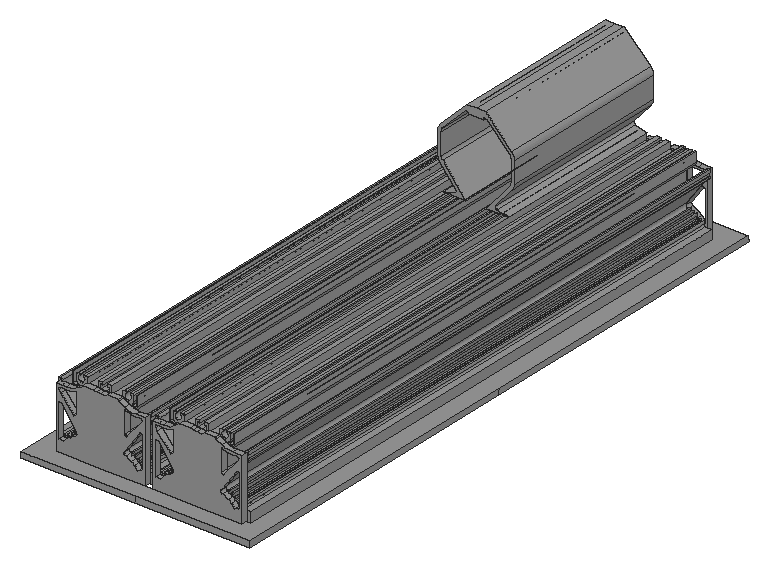
Revit family "L-street 48 Standart", category Осветительные приборы, Revit 2017 (continued)
Types (5, lengths in mm): name | built-in parameter 1150134 | Файл фотометрической сетки | built-in parameter 1150105 | Lumens | built-in parameter 1150106 | built-in parameter 1150142 | Wattage | built-in parameter 1150107 | Артикул
  L-street 48 Standart 4.0K Ш3 | 12 | "L-street 48-65-LLI3-4.0K-01 Standart.ies" | 677.36 (stored number, unit not read) | 8512 lm | 6.7736 (stored number, unit not read) | "IESNA:LM-63-1995\r\n[TEST]LEDEL\r\n[DATA]28.11.2018\r\n[MANUFAC]LEDEL\r\n[LUMCAT]L-street 48/65/Ш3/4.0К/01 Standart\r\n[LUMINAIRE]Для освещения городских улиц, придомовых территорий, парков и пр\r\n[LAMPCAT]LED\r\n[LAMP]OSRAM OSLON SQUARE\r\nTILT=NONE\r\n \r\n1 8512 8.599 91 37 1 2 0.533 0.164 0.148\r\n1 1 65\r\n\r\n0 1 2 3 4 5 6 7 8 9 10 11 12 13 14 15 16 17 18 19 20 21 22 23 24 25 26 27 28 29 30 31 32 33 34 35 36 37 38 39 40 41 42 43 44 45 46 47 48 49 50 51 52 53 54 55 56 57 58 59 60 61 62 63 64 65 66 67 68 69 70 71 72 73 74 75 76 77 78 79 80 81 82 83 84 85 86 87 88 89 90\r\n0 2.5 5 7.5 10 12.5 15 17.5 20 22.5 25 27.5 30 32.5 35 37.5 40 42.5 45 47.5 50 52.5 55 57.5 60 62.5 65 67.5 70 72.5 75 77.5 80 82.5 85 87.5 90 \r\n\r\n328.9 329.3 330.2 330.9 331.9 333.4 335.1 336.8 338.7 340.8 342.8 345 347.5 350.1 353 356 358.9 361.9 364.8 367.6 370.4 373.1 375.9 378.6 381.2 384 387.3 390.9 395 399.6 404.9 410.7 417.4 425.2 435.2 445.1 453.5 460.4 465.8 471.5 479.7 491.2 504.8 521 539.3 559.8 582 607.2 633.9 663 691.7 721.3 752.1 785.2 818.3 851.9 885.2 917 937 939.3 919 859.4 761.2 644.9 513.6 372.2 249 140.6 80.9 50.5 34.7 24.4 17.8 14.5 12.7 11.4 10.5 9.8 9.1 8.5 8 7.4 7 6.5 6.2 5.9 5.5 4.8 3.2 2.7 2.7\r\n328.9 329 329.5 330 330.7 331.9 333.2 334.6 336.2 338 339.8 341.8 344 346.5 349.2 352.1 354.9 357.8 360.7 363.6 366.4 369.2 372 374.9 377.8 380.7 383.9 387.3 391.1 395.4 400.3 405.6 411.7 418.6 427.2 436.3 444.8 452.4 459 464.7 471.7 481.1 492.7 506.6 522.4 540.2 559.7 581.7 605.8 631.5 658.1 685.9 714.5 745.8 778.3 812.3 846.4 879.2 904.3 916.2 905.6 859.1 774.4 661.5 532.7 402.1 293.1 196.3 120.8 68.8 45.8 31.7 22.8 18 15.4 13.6 12.3 11.3 10.5 9.8 9.1 8.5 7.9 7.3 6.9 6.5 6.1 5.5 4.3 3.3 2.9\r\n328.9 328.8 328.9 329 329.6 330.3 331.2 332.3 333.7 335.2 336.8 338.6 340.6 342.8 345.5 348.2 350.9 353.7 356.6 359.6 362.4 365.3 368.2 371.2 374.4 377.4 380.5 383.6 387.3 391.2 395.6 400.5 406 411.9 419.2 427.5 436 444.3 452.2 457.9 463.7 471 480.7 492.2 505.6 520.6 537.4 556.3 577.6 600 624.5 650.4 677 706.4 738.3 772.8 807.5 841.5 871.5 893.1 892.3 858.7 787.6 678.2 551.8 432 337.2 251.9 160.7 87.2 56.8 39 27.9 21.5 18 15.7 14.1 12.8 12 11.2 10.3 9.6 8.9 8.2 7.6 7.1 6.7 6.3 5.5 4 3.1\r\n328.9 329.4 330.2 331 332 333.4 335 336.7 338.6 340.6 342.6 344.7 347.1 349.6 352.4 355.2 358.1 360.9 363.6 366.2 368.8 371.4 374 376.6 379.2 382 385.3 388.8 392.6 397 402.2 407.8 414.4 421.9 431.2 440.5 448.4 454.9 460.4 466.2 474 484.8 497.7 513 530.2 549.4 569.9 593 617.3 643.5 669.5 695.9 722.8 751.4 780 808.5 835.6 860.9 877.7 881 869.3 832.1 763.8 664.3 532.5 377.6 247 136.9 77.5 48.8 34.8 24 17.1 14.1 12.4 11.1 10.2 9.6 8.9 8.3 7.8 7.2 6.8 6.3 6 5.7 5.4 4.7 3.1 2.7 2.7\r\n328.9 329.4 330.1 331 332.1 333.4 334.9 336.6 338.5 340.4 342.3 344.5 346.7 349.1 351.8 354.5 357.3 359.9 362.4 364.8 367.2 369.6 372.2 374.6 377.3 380.1 383.3 386.6 390.2 394.4 399.4 405 411.4 418.6 427.2 435.9 443.2 449.5 455 460.8 468.3 478.4 490.6 505 521.2 539.1 557.7 578.9 600.7 624.1 647.2 670.6 693.5 717.6 741.7 765.1 785.9 804.8 818.4 822.6 819.6 804.9 766.4 683.8 551.4 383.1 244.9 133.2 74 47.1 34.9 23.6 16.4 13.6 12.1 10.9 10 9.4 8.7 8.1 7.6 7 6.6 6.2 5.8 5.4 5.3 4.5 3 2.6 2.7\r\n328.9 329.4 330.2 331 332 333.3 334.7 336.2 338 339.7 341.5 343.5 345.5 347.8 350.3 353 355.7 358.2 360.7 363 365.4 367.8 370.3 372.8 375.5 378.3 381.5 384.8 388.6 392.8 397.6 403 409.3 416.1 424.2 432.5 439.5 445.4 450.6 455.9 462.5 471.1 481.3 493.2 506.3 520.8 536.2 553.5 571.6 591.3 611.2 631.8 652.8 675.7 698.9 722.2 742.8 761.3 775.1 781.3 780.2 768.4 735.8 659.6 539 387.4 258.5 153.6 86.2 51.2 36.2 25 17.1 13.6 12 10.8 9.8 9.2 8.5 8 7.4 6.9 6.5 6 5.7 5.4 5.1 4.5 3.1 2.7 2.7\r\n328.9 329.4 330.2 330.9 332 333.2 334.5 335.8 337.4 339.1 340.8 342.5 344.4 346.5 348.9 351.5 354.1 356.6 358.9 361.3 363.6 365.9 368.4 371 373.6 376.5 379.6 383.1 387 391.1 395.7 401 407.1 413.6 421.1 429 435.8 441.3 446.2 451 456.7 463.9 472 481.4 491.5 502.6 514.6 528.2 542.5 558.5 575.2 593 612 633.7 656.1 679.2 699.7 717.9 731.8 740 740.8 732 705.1 635.4 526.7 391.7 272.1 174 98.4 55.3 37.6 26.3 17.8 13.6 11.9 10.7 9.7 9 8.3 7.8 7.3 6.8 6.3 5.9 5.6 5.3 4.9 4.5 3.3 2.7 2.7\r\n328.9 329.5 330.3 331 332 333.1 334.2 335.5 337 338.5 340.1 341.6 343.4 345.3 347.5 350 352.5 354.9 357.3 359.6 361.8 364 366.3 368.6 371.2 373.8 376.8 380.1 383.8 387.6 392 396.7 402.2 408 414.6 421.4 427.4 432.1 436.2 439.9 444.1 449.8 456.5 464.2 472.4 481.7 492.1 504.3 517.4 532 547.1 562.9 578.6 594.9 610.3 625.2 636.8 644.4 646.8 642.2 628.3 601.4 558.5 487.4 398.1 300.5 218.4 153.5 97.9 57.3 37.8 25.4 16.7 12.7 11.3 10.1 9.1 8.4 7.8 7.3 6.8 6.4 5.9 5.5 5.2 4.9 4.6 4.3 3.2 2.7 2.7\r\n328.9 329.6 330.4 331 332 333 334 335.2 336.5 338 339.5 340.8 342.3 344.1 346.2 348.5 350.9 353.2 355.7 357.9 360.1 362.1 364.1 366.3 368.7 371.1 374 377.1 380.5 384.1 388.2 392.4 397.3 402.4 408 413.7 419 423 426.2 428.7 431.6 435.7 440.9 447 453.3 460.7 469.6 480.4 492.2 505.5 519.1 532.8 545.2 556 564.6 571.2 573.9 570.8 561.8 544.4 515.9 470.9 411.9 339.3 269.5 209.3 164.6 132.9 97.4 59.2 38 24.5 15.6 11.9 10.6 9.5 8.6 7.9 7.3 6.7 6.4 5.9 5.5 5.1 4.9 4.6 4.3 4 3 2.6 2.6\r\n328.9 329.6 330.3 330.9 331.7 332.6 333.5 334.6 335.8 337.1 338.4 339.6 341 342.5 344.5 346.6 348.8 351.1 353.5 355.6 357.6 359.4 361.2 363.2 365.5 367.9 370.6 373.6 377 380.4 384 387.7 391.8 395.9 400.4 404.8 409 412.2 414.8 416.7 419.1 422.5 426.9 432.4 438.2 444.8 451.8 459.6 467.6 476.2 484.4 492.1 497.8 501.1 501.5 498.2 489.1 471.8 446.9 414.5 377.6 335.3 291 243.7 199.4 161.3 132.5 111.4 88.8 60 38.2 24.5 15.5 11.5 10.1 9.1 8.1 7.4 6.8 6.3 5.9 5.6 5.2 4.8 4.5 4.3 4.1 3.8 3 2.6 2.6\r\n328.9 329.6 330.2 330.8 331.5 332.2 333 334 335.1 336.2 337.4 338.4 339.6 341 342.7 344.6 346.8 349 351.2 353.2 355.2 356.8 358.4 360.1 362.3 364.7 367.2 370.2 373.4 376.6 379.9 382.9 386.3 389.4 392.8 395.9 399 401.5 403.4 404.8 406.6 409.3 413 417.7 423.2 428.9 434.1 438.8 443 446.9 449.6 451.3 450.4 446.3 438.5 425.2 404.4 372.8 332.1 284.5 239.3 199.8 170 148 129.3 113.3 100.4 90 80.2 60.7 38.4 24.6 15.5 11.1 9.6 8.7 7.7 6.9 6.3 5.9 5.5 5.2 4.9 4.5 4.2 4 3.8 3.6 2.9 2.7 2.6\r\n328.9 329.6 330.1 330.7 331.3 331.9 332.7 333.7 334.6 335.6 336.6 337.5 338.6 339.9 341.4 343.2 345.2 347.2 349.1 350.9 352.7 354.2 355.8 357.6 359.7 362.1 364.5 367.1 369.7 372.2 374.7 377.2 379.9 382.5 385.1 387.6 390 392.2 394 395.5 397.2 398.9 400.9 403.2 405.8 408.1 409.5 410 409.2 407 401.9 393.5 379.6 360.7 338.2 313.8 287.4 259.5 230.5 200.1 171.3 146.3 126.5 111.3 98.3 88 80.3 73.6 62.6 45.5 29.8 19.7 12.9 9.9 8.7 7.8 6.9 6.3 5.7 5.3 5 4.7 4.4 4.1 3.8 3.6 3.4 3.1 2.7 2.6 2.5\r\n328.9 329.6 330 330.5 331 331.7 332.4 333.3 334.1 335 335.7 336.6 337.5 338.9 340.2 341.7 343.6 345.5 347 348.7 350.2 351.6 353.2 355.1 357.2 359.5 361.8 364 366 367.9 369.5 371.4 373.5 375.5 377.4 379.4 381.1 382.8 384.6 386.2 387.8 388.6 388.8 388.6 388.5 387.4 384.9 381.1 375.4 367.2 354.2 335.6 308.8 275.2 237.8 202.4 170.4 146.1 128.9 115.6 103.3 92.8 83 74.7 67.3 62.7 60.1 57.1 45.1 30.4 21.1 14.9 10.4 8.8 7.8 6.9 6.2 5.6 5.1 4.8 4.5 4.1 3.9 3.7 3.5 3.3 3.1 2.7 2.5 2.5 2.5\r\n328.9 329.5 329.8 330.3 330.6 331.2 331.7 332.4 333 333.7 334.2 334.8 335.4 336.4 337.3 338.6 340.1 341.7 343.1 344.6 346.1 347.4 348.8 350.3 352 353.8 355.5 357.1 358.6 360 361.2 362.3 363.6 365 366.4 368.1 369.5 370.4 370.9 370.8 370.5 369.4 367.5 364.9 361.4 356.8 349.7 339.5 325 306.7 283.4 257 228.1 199.7 172.9 149.4 128.6 112.2 99.6 89.2 79.7 71.9 64.6 58.5 52.9 49.3 46.4 42.2 33.6 24.5 18.4 13.7 10.1 8.5 7.6 6.7 6 5.3 4.8 4.5 4.3 3.9 3.7 3.5 3.3 3.1 3 2.6 2.4 2.4 2.4\r\n328.9 329.4 329.7 330 330.2 330.6 331 331.5 332 332.4 332.7 332.9 333.3 333.9 334.5 335.5 336.6 337.9 339.3 340.6 341.9 343.2 344.4 345.6 346.8 348.1 349.2 350.3 351.3 352.1 352.9 353.2 353.7 354.4 355.4 356.8 357.8 358 357.2 355.5 353.3 350.3 346.3 341.1 334.4 326.1 314.5 297.9 274.7 246.3 212.5 178.4 147.3 124.1 108 96.4 86.8 78.2 70.2 62.8 56.2 50.9 46.3 42.4 38.6 35.9 32.7 27.2 22.1 18.6 15.6 12.5 9.8 8.3 7.4 6.5 5.8 5.1 4.6 4.2 4.1 3.8 3.5 3.4 3.2 3 2.9 2.5 2.3 2.4 2.4\r\n328.9 329.4 329.6 329.8 330 330.2 330.4 330.7 330.9 331.1 331.2 331.3 331.4 331.6 332 332.8 333.6 334.8 335.8 337 338 339 339.9 340.7 341.5 342.3 343 343.7 344.2 344.5 344.8 344.9 345.1 345.2 345.2 345.4 345.1 344 342.1 339.1 334.9 329.9 323.6 315.4 304.1 289.5 270.1 246.3 218.3 189.8 161.8 137.2 116 100.1 88.3 79.2 71.4 64.3 57.9 52.2 47.2 43.1 39.5 36.3 33 30.2 27.2 23.3 19.6 16.9 14.4 11.8 9.5 8.3 7.4 6.6 5.8 5.1 4.5 4.1 3.9 3.6 3.4 3.3 3.1 2.9 2.8 2.5 2.3 2.3 2.4\r\n328.9 329.4 329.6 329.7 329.7 329.7 329.8 329.9 329.9 329.9 329.8 329.7 329.4 329.3 329.6 330 330.6 331.6 332.4 333.3 334.1 334.8 335.4 335.7 336.1 336.4 336.8 337 337.1 336.9 336.8 336.5 336.5 336.1 335 333.9 332.3 330.1 327 322.6 316.6 309.6 301 289.7 273.8 252.8 225.7 194.7 161.9 133.3 111 96 84.7 76.1 68.6 62 56 50.4 45.5 41.6 38.2 35.3 32.8 30.2 27.3 24.4 21.7 19.4 17.2 15.2 13.1 11 9.3 8.2 7.4 6.7 5.8 5.1 4.4 3.9 3.8 3.5 3.4 3.2 3 2.9 2.8 2.5 2.2 2.3 2.4\r\n328.9 329.3 329.4 329.4 329.3 329.2 329 328.9 328.7 328.5 328.2 327.9 327.5 327.2 327.2 327.5 327.9 328.5 329.1 329.6 330 330.3 330.4 330.6 330.7 330.8 330.8 330.7 330.4 330 329.4 328.5 327.5 326 324.1 321.7 318.8 314.9 310.1 304 296 286 272.6 255.5 233.2 207 178.6 151.5 126.8 106.9 91.5 80.4 71.6 64.3 58 52.5 47.6 43.4 39.8 36.8 34.2 31.8 29.5 27.1 24.8 22.5 20.3 18.4 16.5 14.8 13.1 11.5 9.9 8.6 7.6 6.8 6 5.3 4.5 4 3.7 3.5 3.3 3.1 2.9 2.8 2.7 2.5 2.2 2.2 2.3\r\n328.9 329.3 329.2 329.1 328.8 328.6 328.2 328 327.6 327.1 326.6 326.1 325.5 325.2 324.9 325 325.1 325.4 325.7 325.8 325.9 325.7 325.4 325.4 325.3 325.2 324.8 324.4 323.8 323 322.1 320.5 318.5 316 313.1 309.5 305.4 299.8 293.2 285.4 275.5 262.4 244.2 221.4 192.6 161.2 131.4 108.3 91.8 80.6 72 64.9 58.4 52.6 47.4 43 39.3 36.3 34 32.1 30.3 28.3 26.1 24.1 22.3 20.7 18.9 17.3 15.8 14.4 13.1 11.9 10.5 8.9 7.8 7 6.2 5.5 4.7 4 3.6 3.4 3.2 3.1 2.9 2.7 2.6 2.4 2.3 2.1 2.2\r\n328.9 329.2 329.1 328.9 328.5 328.1 327.6 327.1 326.5 325.8 325 324.2 323.5 322.9 322.5 322.3 322.2 322.1 322 321.7 321.1 320.5 319.8 319.4 319 318.6 318.3 318 317.4 316.3 314.8 312.5 309.6 306 301.6 296.4 290.5 283 273.9 262.7 247.9 229.2 205.3 179.3 152 127.2 106.1 90 78 69.4 62.5 56.6 51.2 46.4 42.2 38.8 35.9 33.6 31.7 29.9 28.2 26.4 24.5 22.9 21.5 20.1 18.6 17.3 16.1 14.8 13.7 12.7 11.6 10.2 8.7 7.5 6.6 5.9 5 4.3 3.7 3.4 3.2 3 2.9 2.7 2.6 2.4 2.2 2.1 2.2\r\n328.9 329.2 329 328.7 328.2 327.6 326.9 326.2 325.4 324.4 323.3 322.2 321.4 320.7 320.1 319.6 319.2 318.9 318.4 317.5 316.4 315.2 314.1 313.3 312.6 312.1 311.8 311.6 311 309.7 307.4 304.5 300.7 295.9 290.2 283.3 275.6 266.1 254.6 240 220.4 195.9 166.4 137.2 111.4 93.3 80.7 71.7 64.3 58.2 53 48.3 43.9 40.2 37.1 34.6 32.6 31 29.4 27.8 26.1 24.4 22.9 21.8 20.7 19.5 18.4 17.3 16.4 15.3 14.4 13.5 12.7 11.5 9.6 8 7 6.2 5.3 4.5 3.8 3.4 3.1 2.9 2.9 2.7 2.6 2.4 2.2 2.1 2.1\r\n328.9 329.1 328.9 328.5 327.9 327.2 326.4 325.6 324.6 323.3 322 320.8 319.8 318.9 318.2 317.5 316.8 316.1 315.1 313.9 312.4 310.9 309.5 308.4 307.3 306.4 305.9 305.3 304.4 302.7 300.3 297.2 293.3 288 281.6 274 265.3 254.3 240.7 223.1 200.5 173.9 145 119.4 98.6 84.1 73.5 65.7 59.1 54 49.5 45.3 41.5 38.2 35.5 33.3 31.4 29.8 28.2 26.6 25.1 23.6 22.2 21.1 20.2 19.3 18.5 17.7 16.9 16 15.1 14.3 13.5 12.5 11.1 9.6 7.9 6.6 5.7 4.9 4.1 3.5 3.2 2.9 2.8 2.7 2.6 2.4 2.2 2.1 2.1\r\n328.9 329.1 328.8 328.3 327.6 326.8 325.8 324.9 323.7 322.1 320.6 319.3 318.2 317 316.2 315.3 314.4 313.3 311.9 310.3 308.3 306.6 305 303.4 302 300.8 300 299.1 297.7 295.7 293.1 289.8 285.8 280.1 273 264.6 254.9 242.5 226.9 206.2 180.6 151.8 123.5 101.5 85.7 74.9 66.3 59.6 54 49.7 45.9 42.3 39 36.3 34 31.9 30.2 28.6 27 25.5 24.1 22.7 21.5 20.5 19.7 19.1 18.6 18 17.3 16.6 15.8 15 14.3 13.4 12.5 11.1 8.7 7.1 6.1 5.3 4.4 3.5 3.2 2.9 2.8 2.7 2.6 2.4 2.2 2.1 2\r\n328.9 329 328.7 328.1 327.3 326.4 325.3 324.1 322.7 320.9 319.1 317.6 316.3 315.1 313.9 312.8 311.5 309.9 307.9 305.7 303.5 301.4 299.5 297.5 295.7 294.2 292.6 290.6 288.1 285 281.6 277.4 272.1 265.3 257.3 247.5 235.5 219.7 200.5 176.6 150.6 125.6 104.1 88.2 76.4 67.6 60.4 54.7 50.1 46.5 43.3 40.4 37.5 35.2 33 31.1 29.4 28 26.4 25 23.6 22.4 21.1 20.3 19.8 19.2 18.7 18 17.3 16.6 15.9 15.5 15 14.4 13.9 12.8 11 9.1 7.1 5.8 4.8 3.9 3.3 3 2.8 2.7 2.6 2.4 2.2 2 2\r\n328.9 328.9 328.5 327.8 327 326 324.7 323.4 321.7 319.7 317.6 315.9 314.5 313.1 311.6 310.2 308.6 306.4 303.9 301.2 298.6 296.2 294 291.5 289.5 287.6 285.2 282.1 278.4 274.4 270.2 265 258.4 250.5 241.6 230.5 216 196.9 174.1 147 120.5 99.5 84.7 74.9 67 60.3 54.4 49.8 46.1 43.3 40.8 38.5 36.1 34 32 30.2 28.6 27.3 25.9 24.5 23.1 22 20.8 20.1 19.8 19.3 18.8 18 17.2 16.6 16.1 15.9 15.7 15.4 15.2 14.6 13.2 11.1 8.1 6.3 5.2 4.2 3.4 3 2.8 2.7 2.6 2.4 2.2 1.9 2\r\n328.9 328.9 328.5 327.7 326.8 325.6 324.3 322.8 320.9 318.7 316.5 314.6 312.9 311.3 309.7 307.9 305.7 303.1 300.1 297.1 294.1 291.4 288.9 286.5 284.2 281.7 278.6 274.9 270.7 266.1 260.9 254.6 247 238.2 228 214.8 198.1 176.2 151.4 125.6 103.6 87.8 76.3 68 61 55.2 50.3 46.6 43.7 41.5 39.4 37.3 35.1 33.1 31.3 29.7 28.2 27.1 25.8 24.6 23.2 22.1 21 20.3 19.9 19.4 19 18.3 17.7 17.1 16.5 16.2 16.1 15.8 15.4 14.6 13.5 11.9 9.7 7.9 5.9 4.6 3.8 3.2 2.8 2.7 2.5 2.4 2.2 2 2\r\n328.9 328.9 328.4 327.6 326.6 325.3 323.9 322.1 320.2 317.7 315.5 313.3 311.3 309.6 307.8 305.5 302.9 299.7 296.3 292.9 289.7 286.5 283.8 281.4 278.9 275.8 272.1 267.7 263 257.7 251.6 244.2 235.6 225.9 214.3 199.1 180.2 155.6 128.7 104.2 86.8 76 67.9 61.1 55 50 46.2 43.4 41.2 39.6 38 36.2 34.2 32.2 30.6 29.2 27.9 26.8 25.7 24.6 23.4 22.3 21.2 20.5 20 19.6 19.2 18.7 18.2 17.5 16.9 16.6 16.6 16.2 15.6 14.7 13.8 12.6 11.3 9.5 6.7 5 4.1 3.3 2.9 2.6 2.5 2.3 2.1 2 2\r\n328.9 328.9 328.4 327.5 326.4 325.1 323.6 321.7 319.6 317.1 314.7 312.3 310.2 308.2 306.1 303.5 300.4 296.8 293 289.3 285.8 282.4 279.6 276.9 274.1 270.5 266.3 261.4 256.2 250.1 243.2 235.1 226 215.2 202.2 185.4 164.9 140.2 115.8 95.1 80.7 71.6 64.3 57.9 52.3 47.8 44.6 42.2 40.4 39 37.5 35.7 33.8 31.9 30.4 29.1 27.9 26.8 25.6 24.5 23.5 22.5 21.6 20.9 20.4 20 19.7 19.3 18.7 17.9 17.1 16.4 16.1 15.7 15.1 14.4 13.4 12 10.7 9.2 7.3 5.8 4.5 3.6 3 2.7 2.4 2.3 2.1 2 2\r\n328.9 328.9 328.4 327.4 326.2 324.9 323.3 321.3 319 316.4 313.9 311.3 309 306.8 304.4 301.5 297.9 293.8 289.8 285.7 281.9 278.3 275.3 272.4 269.3 265.2 260.5 255.1 249.3 242.6 234.8 226.1 216.3 204.5 190.1 171.6 149.6 124.8 102.9 85.9 74.6 67.1 60.6 54.8 49.6 45.7 42.9 41 39.6 38.4 37 35.3 33.4 31.7 30.2 29 27.9 26.8 25.5 24.4 23.6 22.6 21.9 21.3 20.7 20.4 20.3 20 19.3 18.3 17.3 16.3 15.6 15.2 14.6 14 13 11.4 10.1 9 8 6.6 5 3.8 3.1 2.7 2.4 2.3 2.1 1.9 1.9\r\n328.9 328.9 328.2 327.1 325.9 324.5 322.8 320.6 318.3 315.7 313.1 310.5 308 305.6 302.9 299.6 295.7 291.3 287 282.6 278.7 275.2 272.2 269.1 265.7 261.3 256.3 250.5 244.3 237 228.7 219.3 208.6 195.5 179.4 159.1 136 112.5 93.6 79.8 70.4 63.7 57.4 51.9 47.3 44.1 41.9 40.3 39 37.9 36.5 34.9 33.1 31.6 30.2 28.9 27.6 26.4 25.3 24.4 23.6 23 22.6 22.3 22.1 21.9 21.5 20.7 19.8 18.7 17.6 16.5 15.6 14.8 13.9 13.2 12.1 10.9 9.8 8.8 7.7 6.5 5.2 4 3.1 2.7 2.4 2.3 2.1 1.9 1.9\r\n328.9 328.8 328 326.8 325.5 324.1 322.3 320 317.6 314.9 312.2 309.6 307 304.3 301.4 297.6 293.5 288.8 284.2 279.5 275.5 272 269 265.9 262 257.3 252 245.8 239.2 231.4 222.7 212.6 201 186.6 168.7 146.5 122.3 100.1 84.4 73.6 66.3 60.4 54.3 48.9 44.9 42.4 40.8 39.5 38.4 37.3 35.9 34.5 32.8 31.5 30.3 28.7 27.3 26.1 25.2 24.3 23.7 23.4 23.2 23.4 23.4 23.3 22.6 21.5 20.3 19.1 17.8 16.7 15.6 14.4 13.2 12.3 11.3 10.5 9.6 8.6 7.5 6.4 5.4 4.1 3.2 2.6 2.4 2.2 2.1 1.9 1.9\r\n328.9 328.8 328 326.8 325.6 324 322.1 319.8 317.3 314.6 311.8 309.2 306.4 303.5 300.2 296.1 291.6 286.6 281.7 276.8 272.7 269.1 266.1 262.7 258.6 253.5 248 241.7 234.8 226.8 217.9 207.5 195
